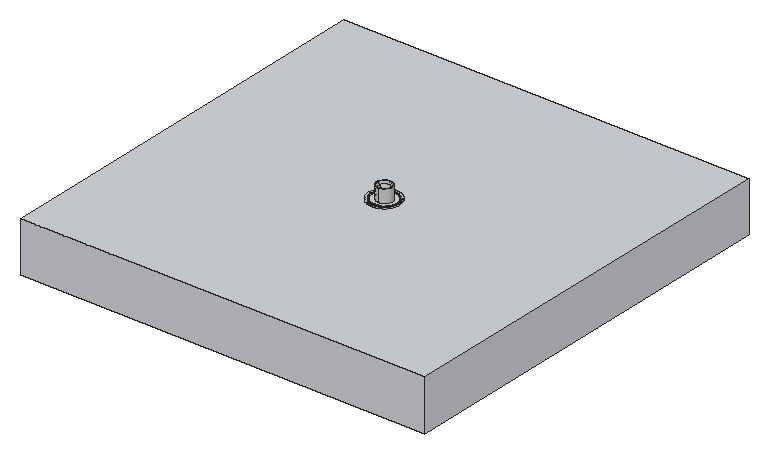
Revit family "LAMP_HANCE DOWNLIGHT SEMIRECESSED FLOOD 3000_4000 (DALI)", category Modelos genéricos, Revit 2015
Parameters (values of type "2686LM 4000K 3000 BLACK")
  Weight = 1.54 kg
  Aro 3000/4000 = yes
  Aro 1000/2000 = no
  Type = "COB PHILIPS"
  Tilting [instance] = if(Tilt < 0.00°, 180.00°, if(Tilt > 85.00°, 265.00°, Tilt + 180.00°))  # 180.00°
  Tilt [instance] = 0.00°
  Recessed diameter = 175 mm
  Protection rating = "IP20"
  Product datasheet = "http://www.lamp.es/product-files/TECH/HD1SR30FL840DBB-EN.pdf"
  Product code = "HD1SR30FL840DBB"
  Product URL = "https://www.lamp.es/en/family/hance-downlight_196363"
  Power Supply = "220-240V 50/60Hz"
  Power = 25 W
  Plum = 27.8 W
  Photometric web file = Cuerpo Hance BASE (tilting)_FL : 2686LM 4000K 3000 BLACK
  Modelo = Product code  # "HD1SR30FL840DBB"
  Model explanation = "Availability of tilting between 0º and 85º when placed in a project."
  Material interior aro = LAMP_Aluminio Hance Negro
  Material aro = LAMP_Aluminio Hance Negro
  Manufacturer name = "LAMP"
  Manufacturer country = "Spain"
  Manufacturer URL = "http://www.lamp.es/en"
  MacAdam = "3"
  Luminaire type = "Indoor - Recessed downlight"
  Last update = "22/11/2019"
  Lamp = "COB LED"
  LED Lifetime = "50.000 L80 B10"
  Insulation class = "II"
  Installation instructions = "https://www.lamp.es/product-files/INS/1004410-B-INSTR.%20DE%20MONTAJE%20HANCE%20DOWNLIGHT.pdf"
  Initial intensity = 2686 lm
  Initial color = 4000 K
  IEE = "A+"
  Gear = "Adjustable DALI"
  Finish = "Texturised black RAL 9011"
  Fabricante = Manufacturer name  # "LAMP"
  Default Elevation = 1219.2 mm
  Efficacy = 96.62 lm/W
  Radio aro exterior = 49 mm
  Diameter = 188 mm
  Descripción = "HANCE DOWN SEMIREC 3000 NW FL DALI BK."
  Decorative ring [instance] = Aro decorativo 3000_4000 (tilting) : Black
  Comentarios de tipo = Model explanation  # "Availability of tilting between 0º and 85º when placed in a project."
  CRI = "80"
  Altura modulos = 145 mm
Types (8, lengths in mm): name | Product datasheet | Product code | Power | Plum | Photometric web file | Modelo | Material aro | Initial intensity | Initial color | Finish | Efficacy | Descripción
  2686LM 4000K 3000 BLACK | "http://www.lamp.es/product-files/TECH/HD1SR30FL840DBB-EN.pdf" | "HD1SR30FL840DBB" | 25 W | 27.8 W | Cuerpo Hance BASE (tilting)_FL : 2686LM 4000K 3000 BLACK | "HD1SR30FL840DBB" | LAMP_Aluminio Hance Negro | 2686 lm | 4000 K | "Texturised black RAL 9011" | 96.62 lm/W | "HANCE DOWN SEMIREC 3000 NW FL DALI BK."
  2686LM 4000K 3000 WHITE | "http://www.lamp.es/product-files/TECH/HD1SR30FL840DBW-EN.pdf" | "HD1SR30FL840DBW" | 25 W | 27.8 W | Cuerpo Hance BASE (tilting)_FL : 2686LM 4000K 3000 WHITE | "HD1SR30FL840DBW" | LAMP_Aluminio Hance Blanco | 2686 lm | 4000 K | "Texturised white RAL 9010" | 96.62 lm/W | "HANCE DOWN SEMIREC 3000 NW FL DALI WH."
  2740LM 3000K 3000 BLACK | "http://www.lamp.es/product-files/TECH/HD1SR30FL830DBB-EN.pdf" | "HD1SR30FL830DBB" | 25 W | 28.2 W | Cuerpo Hance BASE (tilting)_FL : 2740LM 3000K 3000 BLACK | "HD1SR30FL830DBB" | LAMP_Aluminio Hance Negro | 2740 lm | 3000 K | "Texturised black RAL 9011" | 97.16 lm/W | "HANCE DOWN SEMIREC 3000 WW FL DALI BK."
  2740LM 3000K 3000 WHITE | "http://www.lamp.es/product-files/TECH/HD1SR30FL830DBW-EN.pdf" | "HD1SR30FL830DBW" | 25 W | 28.2 W | Cuerpo Hance BASE (tilting)_FL : 2740LM 3000K 3000 WHITE | "HD1SR30FL830DBW" | LAMP_Aluminio Hance Blanco | 2740 lm | 3000 K | "Texturised white RAL 9010" | 97.16 lm/W | "HANCE DOWN SEMIREC 3000 WW FL DALI WH."
  3695LM 3000K 4000 BLACK | "http://www.lamp.es/product-files/TECH/HD1SR40FL830DBB-EN.pdf" | "HD1SR40FL830DBB" | 34 W | 37.6 W | Cuerpo Hance BASE (tilting)_FL : 3695LM 3000K 4000 BLACK | "HD1SR40FL830DBB" | LAMP_Aluminio Hance Negro | 3695 lm | 3000 K | "Texturised black RAL 9011" | 98.28 lm/W | "HANCE DOWN SEMIREC 4000 WW FL DALI BK."
  3695LM 3000K 4000 WHITE | "http://www.lamp.es/product-files/TECH/HD1SR40FL830DBW-EN.pdf" | "HD1SR40FL830DBW" | 34 W | 37.6 W | Cuerpo Hance BASE (tilting)_FL : 3695LM 3000K 4000 WHITE | "HD1SR40FL830DBW" | LAMP_Aluminio Hance Blanco | 3695 lm | 3000 K | "Texturised white RAL 9010" | 98.28 lm/W | "HANCE DOWN SEMIREC 4000 WW FL DALI WH."
  3845LM 4000K 4000 BLACK | "http://www.lamp.es/product-files/TECH/HD1SR40FL840DBB-EN.pdf" | "HD1SR40FL840DBB" | 34 W | 37.6 W | Cuerpo Hance BASE (tilting)_FL : 3845LM 4000K 4000 BLACK | "HD1SR40FL840DBB" | LAMP_Aluminio Hance Negro | 3845 lm | 4000 K | "Texturised black RAL 9011" | 102.26 lm/W | "HANCE DOWN SEMIREC 4000 NW FL DALI BK."
  3845LM 4000K 4000 WHITE | "http://www.lamp.es/product-files/TECH/HD1SR40FL840DBW-EN.pdf" | "HD1SR40FL840DBW" | 34 W | 37.6 W | Cuerpo Hance BASE (tilting)_FL : 3845LM 4000K 4000 WHITE | "HD1SR40FL840DBW" | LAMP_Aluminio Hance Blanco | 3845 lm | 4000 K | "Texturised white RAL 9010" | 102.26 lm/W | "HANCE DOWN SEMIREC 4000 NW FL DALI WH."
Reference planes
  plane 1 "Centro (Frontal/Posterior)": y = 0
  plane 2: z = 0
  plane 3 "Centro (Izquierda/Derecha)": x = 0
Forms (mm)
  Extrusion 1, solid
    sketch origin (0, 0, 0) x (1, 0, 0) y (0, 1, 0)
      loop
        line (-1219.2, 1219.2) -> (-1219.2, -1219.2) -> (1219.2, -1219.2) -> (1219.2, 1219.2) -> (-1219.2, 1219.2)
    from 0 to -304.8
  Revolve 2, solid, material "LAMP_Aluminio Hance Negro" <- "Material aro"
    sketch origin (0, 0, 0) x (1, 0, 0) y (0, 0, 1)
      loop
        line (94, 0) -> (94, 1) -> (79.1, 1) -> (79.1, -38.896) -> (87.1, -38.896) -> (87.1, -37.896) -> (81.6, -37.896) -> (81.6, 0) -> (94, 0)
      axis (0, 1) -> (0, -38.896)
    angle from 0 to 360
  Revolve 3, solid, material "LAMP_Aluminio Hance Negro" <- "Material interior aro", visible <- "Aro 3000/4000"
    sketch origin (0, 0, 0) x (1, 0, 0) y (0, 0, 1)
      loop
        arc (74.724, -0.646) -> (74.448, -1.016) -> (74.348, -1.466) r 1.1
        arc (74.348, -1.466) -> (72.204, -17.889) -> (66.127, -33.297) r 67.535
        arc (66.127, -33.297) -> (65.772, -33.665) -> (65.28, -33.8) r 0.965
        line (65.28, -33.8) -> (0, -33.8) -> (0, -34.8) -> (65.28, -34.8)
        arc (65.28, -34.8) -> (65.772, -34.665) -> (66.127, -34.297) r 0.965
        arc (66.127, -34.297) -> (72.204, -18.889) -> (74.348, -2.466) r 67.535
        arc (74.348, -2.466) -> (74.448, -2.016) -> (74.724, -1.646) r 1.1
        arc (74.724, -1.646) -> (76.762, -0.425) -> (79.1, 0) r 6.641
        line (79.1, 0) -> (79.1, 1)
        arc (79.1, 1) -> (76.762, 0.575) -> (74.724, -0.646) r 6.641
      axis (0, 1) -> (0, -34.8)
    angle from 0 to 360
  Extrusion 4, void
    sketch origin (0, 0, 0) x (1, 0, 0) y (0, 1, 0)
      loop
        line (22.671, 46.054) -> (-22.668, 46.054)
        arc (-22.668, 46.054) -> (-69.098, -0.376) -> (-22.668, -46.807) r 46.43
        line (-22.668, -46.807) -> (22.671, -46.807)
        arc (22.671, -46.807) -> (69.102, -0.376) -> (22.671, 46.054) r 46.43
    from -196.113 to 250
Cuts and joins
  Extrusion 4 cuts Revolve 3
Text (mm)
  text "Any modification of the parameters and properties of the LAMP BIM models must be executed and validated by the LAMP technical department.\n\nPhone: +34 93 736 68 00\n\nE-mail: lamp@lamp.es\n\n\n\nLAMP reserves the right to modify the technical specifications of its products." at (39771.841, -40794.867, 40621.237), in view "Preview"
Dimensions and locks
  aligned and locked: plane 2 to Extrusion 1
  aligned and locked: level to Extrusion 1
Nested families
  nested 1: "Aro decorativo 3000_4000 (tilting)" at (0, 0, 4.868) x (1, 0, 0) z (0, 0, -1), type <- "Decorative ring", type "Black"
    with Tilting 180.00°
  nested 2: "Cuerpo Hance BASE (tilting)_FL" at (0, 1.967, 44.588), type <- "Photometric web file", type "2686LM 4000K 3000 BLACK"
    with Tilting 180.00°
Definition of nested family "Aro decorativo 3000_4000 (tilting)"
  Parameters (values of type "Black")
    Weight (3000/4000) = 0.016 kg
    Weight (1000/2000) = 0.01 kg
    Tilting = 0.00°
    Product datasheet = ""
    Product code (3000/4000) = "HSRI90C"
    Product code (1000/2000) = "HSRI65C"
    Product URL = ""
    Model = ""
    Material aro = none
    Manufacturer name = "LAMP"
    Manufacturer country = "Spain"
    Manufacturer URL = "http://www.lamp.es/en"
    Longitud = 42.5 mm
    Last update = "21/05/2018"
    Installation instructions = ""
    Finish = "Metalized matt copper"
    Manufacturer = Manufacturer name  # "LAMP"
    Default Elevation = 1219.2 mm
    Diameter (3000/4000) = 90 mm
    Diameter (1000/2000) = 65 mm
    Description = ""
    Accessory Type = "Optic"
    3000/4000 Model = "HSRI90C"
    3000/4000 Description = "HANCE 3000/4000 ACC. RING DECO CO."
    1000/2000 Model = "HSRI65C"
    1000/2000 Description = "HANCE 1000/2000 ACC. RING DECO CO."
  Types (5, lengths in mm): name | Product code (3000/4000) | Product code (1000/2000) | Finish | 3000/4000 Model | 3000/4000 Description | 1000/2000 Model | 1000/2000 Description
    (no name) | "HSRI90C" | "HSRI65C" | "Metalized matt copper" | "HSRI90C" | "HANCE 3000/4000 ACC. RING DECO CO." | "HSRI65C" | "HANCE 1000/2000 ACC. RING DECO CO."
    Black | "HSRI90C" | "HSRI65C" | "Metalized matt copper" | "HSRI90C" | "HANCE 3000/4000 ACC. RING DECO CO." | "HSRI65C" | "HANCE 1000/2000 ACC. RING DECO CO."
    Copper | "HSRI90C" | "HSRI65C" | "Metalized matt copper" | "HSRI90C" | "HANCE 3000/4000 ACC. RING DECO CO." | "HSRI65C" | "HANCE 1000/2000 ACC. RING DECO CO."
    Grey | "HSRI90M" | "HSRI65M" | "Metalized matt silver" | "HSRI90M" | "HANCE 3000/4000 ACC. RING DECO MET." | "HSRI65M" | "HANCE 1000/2000 ACC. RING DECO MET."
    White | "HSRI90W" | "HSRI65W" | "Matt White" | "HSRI90W" | "HANCE 3000/4000 ACC. RING DECO WH." | "HSRI65W" | "HANCE 1000/2000 ACC. RING DECO WH."
  Reference planes
    plane 1 "Centro (Frontal/Posterior)": y = 0
    plane 2: z = 0
    plane 3 "Centro (Izquierda/Derecha)": x = 0
  Lines and regions (mm)
    reference lines
      curve 1: line (0, 0, 0) -> (0, 0, 80.8)
    model lines
      curve 2: line (68.747, 0, 0) -> (69.9, 0, 0)
  Text (mm)
    text "Any modification of the parameters and properties of the LAMP BIM models must be executed and validated by the LAMP technical department.\n\nPhone: +34 93 736 68 00\n\nE-mail: lamp@lamp.es\n\n\n\nLAMP reserves the right to modify the technical specifications of its products." at (86527.204, -96597.187, 50741.736), in view "Preview"
  Dimensions and locks
    "Tilting": angle curve 1 to plane 3 "Centro (Izquierda/Derecha)"
    aligned and locked: level to plane 2
    aligned and locked: plane 3 "Centro (Izquierda/Derecha)" to curve 1
    aligned and locked: plane 2 to curve 1
  Automatic sketch dimensions
    curve 2 to level = 0 mm
    plane 3 "Centro (Izquierda/Derecha)" to curve 2 = 68.747 mm
    curve 2 to curve 2 = 1.153 mm
  Nested families
    nested 1: "Aro decorativo 3000_4000" at (-27.9, 0, 17.2) x (0, 0, 1) z (-1, 0, 0), type "Copper"
  Definition of nested family "Aro decorativo 3000_4000"
    Parameters (values of type "Black")
      Weight (3000/4000) = 0.016 kg
      Weight (1000/2000) = 0.01 kg
      Product datasheet = ""
      Product code (3000/4000) = "HSRI90C"
      Product code (1000/2000) = "HSRI65C"
      Product URL = ""
      Model = ""
      Material aro = none
      Manufacturer name = "LAMP"
      Manufacturer country = "Spain"
      Manufacturer URL = "http://www.lamp.es/en"
      Longitud = 42.5 mm
      Last update = "21/05/2018"
      Installation instructions = ""
      Finish = "Metalized matt copper"
      Manufacturer = Manufacturer name  # "LAMP"
      Default Elevation = 1219.2 mm
      Diametro vaciado aro interior = if(Diametro aro interior = 35.4 mm, 34.4 mm, 21.9 mm)  # 34.4 mm
      Diametro vaciado aro exterior = if(Diametro aro exterior = 42.9 mm, 41.9 mm, 29.4 mm)  # 41.9 mm
      Diametro aro interior = if(Diametro aro exterior = 42.9 mm, 35.4 mm, 22.9 mm)  # 35.4 mm
      Diametro aro exterior = if(Longitud = 42.5 mm, 42.9 mm, 30.4 mm)  # 42.9 mm
      Diameter (3000/4000) = 90 mm
      Diameter (1000/2000) = 65 mm
      Description = ""
      Accessory Type = "Optic"
      3000/4000 Model = "HSRI90C"
      3000/4000 Description = "HANCE 3000/4000 ACC. RING DECO CO."
      1000/2000 Description = "HANCE 1000/2000 ACC. RING DECO CO."
      1000/2000 Model = "HSRI65C"
    Types (4, lengths in mm): name | Manufacturer URL
      Black | "http://www.lamp.es/en"
      Copper | "http://www.lamp.es/en"
      Grey | "http://www.lamp.es/en"
      White | ""
    Reference planes
      plane 1 "Centro (Frontal/Posterior)": y = 0
      plane 2: z = 0
      plane 3 "Centro (Izquierda/Derecha)": x = 0
    Forms (mm)
      Revolve 1, solid, material <- "Material aro"
        sketch origin (0, 0, -27.9) x (1, 0, 0) y (0, 0, 1)
          loop
            line (42.5, 0) -> (52.682, 0) -> (52.682, 42.9) -> (42.5, 35.4) -> (42.5, 0)
          axis (52.682, 0) -> (42.5, 0)
        angle from 0 to 360
      Revolve 2, void
        sketch origin (0, 0, -27.9) x (1, 0, 0) y (0, 0, 1)
          loop
            line (52.682, 41.9) -> (42.5, 34.4) -> (42.5, 0) -> (52.682, 0) -> (52.682, 41.9)
          axis (42.5, 0) -> (52.682, 0)
        angle from 0 to 360
    Cuts and joins
      Revolve 2 cuts Revolve 1
    Lines and regions (mm)
      reference lines
        curve 1: line (0, 0, -27.9) -> (42.5, 0, -27.9)
    Text (mm)
      text "Any modification of the parameters and properties of the LAMP BIM models must be executed and validated by the LAMP technical department.\n\nPhone: +34 93 736 68 00\n\nE-mail: lamp@lamp.es\n\n\n\nLAMP reserves the right to modify the technical specifications of its products." at (91886.357, -93022.329, 47898.266), in view "Preview"
    Dimensions and locks
      "Diametro aro exterior": Revolve 1 sketch curve to Revolve 1 sketch curve
      "Diametro vaciado aro exterior": Revolve 2 sketch curve to Revolve 2 sketch curve
      "Longitud": curve 1 to plane 3 "Centro (Izquierda/Derecha)"
      "Diametro aro interior": Revolve 1 sketch curve to Revolve 1 sketch curve
      "Diametro vaciado aro interior": Revolve 2 sketch curve to Revolve 2 sketch curve
      aligned and locked: level to plane 2
    Automatic sketch dimensions
      Revolve 1 sketch curve to curve 1 = 0 mm  (x4)
      curve 1 to Revolve 1 sketch curve = 10.182 mm
      Revolve 1 sketch curve to Revolve 1 sketch curve = 0 mm
      Revolve 2 sketch curve to curve 1 = 0 mm  (x3)
      curve 1 to Revolve 2 sketch curve = 10.182 mm
      Revolve 2 sketch curve to curve 1 = 1261.008 mm
      Revolve 2 sketch curve to Revolve 2 sketch curve = 1898.983 mm
      curve 1 to plane 3 "Centro (Izquierda/Derecha)" = 0 mm
      curve 1 to level = 27.9 mm
Definition of nested family "Cuerpo Hance BASE (tilting)_FL"
  Parameters (values of type "675LM 4000K 1000 BLACK")
    Tilting = 90.00°
    Photometric web file = Cuerpo Hance BASE_FL : 675LM 4000K 1000 BLACK
    Longitud cuerpo = 135 mm
    Default Elevation = 1219.2 mm
  Types (17, lengths in mm): name | Photometric web file
    (no name) | Cuerpo Hance BASE_FL : 675LM 4000K 1000 BLACK
    675LM 4000K 1000 BLACK | Cuerpo Hance BASE_FL : 675LM 4000K 1000 BLACK
    675LM 4000K 1000 WHITE | Cuerpo Hance BASE_FL : 675LM 4000K 1000 WHITE
    697LM 3000K 1000 BLACK | Cuerpo Hance BASE_FL : 697LM 3000K 1000 BLACK
    697LM 3000K 1000 WHITE | Cuerpo Hance BASE_FL : 697LM 3000K 1000 WHITE
    1445LM 3000K 2000 BLACK | Cuerpo Hance BASE_FL : 1445LM 3000K 2000 BLACK
    1445LM 3000K 2000 WHITE | Cuerpo Hance BASE_FL : 1445LM 3000K 2000 WHITE
    1466LM 4000K 2000 BLACK | Cuerpo Hance BASE_FL : 1466LM 4000K 2000 BLACK
    1466LM 4000K 2000 WHITE | Cuerpo Hance BASE_FL : 1466LM 4000K 2000 WHITE
    2686LM 4000K 3000 BLACK | Cuerpo Hance BASE_FL : 2686LM 4000K 3000 BLACK
    2686LM 4000K 3000 WHITE | Cuerpo Hance BASE_FL : 2686LM 4000K 3000 WHITE
    2740LM 3000K 3000 BLACK | Cuerpo Hance BASE_FL : 2740LM 3000K 3000 BLACK
    2740LM 3000K 3000 WHITE | Cuerpo Hance BASE_FL : 2740LM 3000K 3000 WHITE
    3695LM 3000K 4000 BLACK | Cuerpo Hance BASE_FL : 3695LM 3000K 4000 BLACK
    3695LM 3000K 4000 WHITE | Cuerpo Hance BASE_FL : 3695LM 3000K 4000 WHITE
    3845LM 4000K 4000 BLACK | Cuerpo Hance BASE_FL : 3845LM 4000K 4000 BLACK
    3845LM 4000K 4000 WHITE | Cuerpo Hance BASE_FL : 3845LM 4000K 4000 WHITE
  Reference planes
    plane 1 "Centro (Frontal/Posterior)": y = 0
    plane 2: z = 0
    plane 3 "Centro (Izquierda/Derecha)": x = 0
  Lines and regions (mm)
    reference lines
      curve 1: line (0, 0, 0) -> (200, 0, 0)
  Dimensions and locks
    "Tilting": angle plane 3 "Centro (Izquierda/Derecha)" to curve 1
    aligned and locked: level to plane 2
    aligned and locked: plane 3 "Centro (Izquierda/Derecha)" to curve 1
    aligned and locked: plane 2 to curve 1
  Nested families
    nested 1: "Cuerpo Hance BASE_FL" at (-27.838, -1.967, 27.875), type <- "Photometric web file", type "675LM 4000K 1000 BLACK"
  Definition of nested family "Cuerpo Hance BASE_FL"
    Parameters (values of type "675LM 4000K 1000 BLACK")
      Tilt Angle = 90.00° + Tilting  # 180.00°
      Wattage = 7.6 W
      Tilting = 90.00°
      built-in parameter 1150107 = 4000 (stored number, unit not read)
      Radio vacio posterior = Radio cuerpo - 2.2 mm  # 30.3 mm
      Radio vaciado = Radio cuerpo - 1.5 mm  # 31 mm
      Radio cuerpo = if(Longitud cuerpo = 100 mm, 45 mm, 32.5 mm)  # 32.5 mm
      built-in parameter 1150110 = 1 (stored number, unit not read)
      built-in parameter 1150109 = 1 (stored number, unit not read)
      built-in parameter 1150112 = 1 (stored number, unit not read)
      built-in parameter 1150113 = 1 (stored number, unit not read)
      built-in parameter 1114218 = 1 (stored number, unit not read)
      built-in parameter 1150137 = (empty or 0)
      built-in parameter 1150132 = 2
      Material reflector = none
      Material cuerpo = none
      Material COB = none
      Longitud cuerpo = 135 mm
      Long. origen luz = if(Longitud cuerpo = 100 mm, 20 mm, if(Longitud cuerpo = 170 mm, 55 mm, 90 mm))  # 90 mm
      L_3 = if(Ancho disipador posterior = 80.4 mm, 39.6 mm, 12 mm)  # 12 mm
      L_2 = if(Ancho disipador posterior = 80.4 mm, 36.3 mm, 22.6 mm)  # 22.6 mm
      L_1 = if(Ancho disipador posterior = 80.4 mm, 36.8 mm, 25.4 mm)  # 25.4 mm
      built-in parameter 1150105 = 2229.4 (stored number, unit not read)
      built-in parameter 1150102 = (empty or 0)
      built-in parameter 1150106 = 22.294 (stored number, unit not read)
      Lumens = 675.032 lm
      Color Filter = 16777215
      built-in parameter 1114217 = 1 (stored number, unit not read)
      built-in parameter 1150139 = (empty or 0)
      Default Elevation = 1219.2 mm
      built-in parameter 1150104 = 8.2516 (stored number, unit not read)
      Diametro aro = if(Radio cuerpo = 45 mm, 42.9 mm, 30.4 mm)  # 30.4 mm
      built-in parameter 1150115 = 1 (stored number, unit not read)
      built-in parameter 1150114 = 1 (stored number, unit not read)
      built-in parameter 1150138 = (empty or 0)
      built-in parameter 1150134 = 12
      Dimming Lamp Color Temperature Shift = (empty or 0)
      Photometric Web File = "HD1RE10FL840NBB.IES"
      Ancho vaciado reflector = if(Radio cuerpo = 45 mm, 34.4 mm, 21.9 mm)  # 21.9 mm
      Ancho reflector = if(Radio cuerpo = 45 mm, 35.4 mm, 22.9 mm)  # 22.9 mm
      Ancho disipador posterior = if(Radio cuerpo = 32.5 mm, 53 mm, 80.4 mm)  # 53 mm
      built-in parameter 1150133 = 10 (stored number, unit not read)
      Altura disipador superior = if(Radio cuerpo = 45 mm, 23.9 mm, 36.9 mm)  # 36.9 mm
      Ancho disipador superior = if(Radio cuerpo = 45 mm, 28 mm, 22.6 mm)  # 22.6 mm
    Types (16, lengths in mm): name | Wattage | built-in parameter 1150107 | Radio vacio posterior | Radio vaciado | Radio cuerpo | Longitud cuerpo | Long. origen luz | L_3 | L_2 | L_1 | built-in parameter 1150105 | built-in parameter 1150106 | Lumens | built-in parameter 1150104 | Diametro aro | built-in parameter 1150134 | Photometric Web File | Ancho vaciado reflector | Ancho reflector | Ancho disipador posterior | Altura disipador superior | Ancho disipador superior
      675LM 4000K 1000 BLACK | 7.6 W | 4000 (stored number, unit not read) | 30.3 | 31 | 32.5 | 135 | 90 | 12 | 22.6 | 25.4 | 2229.4 (stored number, unit not read) | 22.294 (stored number, unit not read) | 675.032 lm | 8.2516 (stored number, unit not read) | 30.4 | 12 | "HD1RE10FL840NBB.IES" | 21.9 | 22.9 | 53 | 36.9 | 22.6
      675LM 4000K 1000 WHITE | 7.6 W | 4000 (stored number, unit not read) | 30.3 | 31 | 32.5 | 135 | 90 | 12 | 22.6 | 25.4 | 2229.4 (stored number, unit not read) | 22.294 (stored number, unit not read) | 675.032 lm | 8.2516 (stored number, unit not read) | 30.4 | 12 | "HD1RE10FL840NBW.IES" | 21.9 | 22.9 | 53 | 36.9 | 22.6
      697LM 3000K 1000 BLACK | 7.7 W | 3000 (stored number, unit not read) | 30.3 | 31 | 32.5 | 135 | 90 | 12 | 22.6 | 25.4 | 1447 (stored number, unit not read) | 14.47 (stored number, unit not read) | 696.773 lm | 8.4068 (stored number, unit not read) | 30.4 | (empty or 0) | "HD1RE10FL830NBB.IES" | 21.9 | 22.9 | 53 | 36.9 | 22.6
      697LM 3000K 1000 WHITE | 7.7 W | 3000 (stored number, unit not read) | 30.3 | 31 | 32.5 | 135 | 90 | 12 | 22.6 | 25.4 | 1447 (stored number, unit not read) | 14.47 (stored number, unit not read) | 696.773 lm | 8.4068 (stored number, unit not read) | 30.4 | (empty or 0) | "HD1RE10FL830NBW.IES" | 21.9 | 22.9 | 53 | 36.9 | 22.6
      1445LM 3000K 2000 BLACK | 20.7 W | 3000 (stored number, unit not read) | 30.3 | 31 | 32.5 | 135 | 90 | 12 | 22.6 | 25.4 | 3001.7 (stored number, unit not read) | 30.017 (stored number, unit not read) | 1445.48 lm | 6.4874 (stored number, unit not read) | 30.4 | (empty or 0) | "HD1RE20FL830NBB.IES" | 21.9 | 22.9 | 53 | 36.9 | 22.6
      1445LM 3000K 2000 WHITE | 20.7 W | 3000 (stored number, unit not read) | 30.3 | 31 | 32.5 | 135 | 90 | 12 | 22.6 | 25.4 | 3001.7 (stored number, unit not read) | 30.017 (stored number, unit not read) | 1445.48 lm | 6.4874 (stored number, unit not read) | 30.4 | (empty or 0) | "HD1RE20FL830NBW.IES" | 21.9 | 22.9 | 53 | 36.9 | 22.6
      1466LM 4000K 2000 BLACK | 20.6 W | 4000 (stored number, unit not read) | 30.3 | 31 | 32.5 | 135 | 90 | 12 | 22.6 | 25.4 | 2960 (stored number, unit not read) | 29.6 (stored number, unit not read) | 1466.1 lm | 6.6119 (stored number, unit not read) | 30.4 | 12 | "HD1RE20FL840NBB.IES" | 21.9 | 22.9 | 53 | 36.9 | 22.6
      1466LM 4000K 2000 WHITE | 20.6 W | 4000 (stored number, unit not read) | 30.3 | 31 | 32.5 | 135 | 90 | 12 | 22.6 | 25.4 | 2960 (stored number, unit not read) | 29.6 (stored number, unit not read) | 1466.1 lm | 6.6119 (stored number, unit not read) | 30.4 | 12 | "HD1RE20FL840NBB.IES" | 21.9 | 22.9 | 53 | 36.9 | 22.6
      2686LM 4000K 3000 BLACK | 27.8 W | 4000 (stored number, unit not read) | 42.8 | 43.5 | 45 | 100 | 20 | 39.6 | 36.3 | 36.8 | 5423.1 (stored number, unit not read) | 54.231 (stored number, unit not read) | 2686.04 lm | 8.9763 (stored number, unit not read) | 42.9 | 12 | "HD1RE30FL840NBB.IES" | 34.4 | 35.4 | 80.4 | 23.9 | 28
      2686LM 4000K 3000 WHITE | 27.8 W | 4000 (stored number, unit not read) | 42.8 | 43.5 | 45 | 100 | 20 | 39.6 | 36.3 | 36.8 | 5423.1 (stored number, unit not read) | 54.231 (stored number, unit not read) | 2686.04 lm | 8.9763 (stored number, unit not read) | 42.9 | 12 | "HD1RE30FL840NBW.IES" | 34.4 | 35.4 | 80.4 | 23.9 | 28
      2740LM 3000K 3000 BLACK | 28.2 W | 3000 (stored number, unit not read) | 42.8 | 43.5 | 45 | 100 | 20 | 39.6 | 36.3 | 36.8 | 8235.7 (stored number, unit not read) | 82.357 (stored number, unit not read) | 2739.91 lm | 9.0265 (stored number, unit not read) | 42.9 | (empty or 0) | "HD1RE30FL830NBB.IES" | 34.4 | 35.4 | 80.4 | 23.9 | 28
      2740LM 3000K 3000 WHITE | 28.2 W | 3000 (stored number, unit not read) | 42.8 | 43.5 | 45 | 100 | 20 | 39.6 | 36.3 | 36.8 | 8235.7 (stored number, unit not read) | 82.357 (stored number, unit not read) | 2739.91 lm | 9.0265 (stored number, unit not read) | 42.9 | (empty or 0) | "HD1RE30FL830NBW.IES" | 34.4 | 35.4 | 80.4 | 23.9 | 28
      3695LM 3000K 4000 BLACK | 37.6 W | 3000 (stored number, unit not read) | 42.8 | 43.5 | 45 | 100 | 20 | 39.6 | 36.3 | 36.8 | 294.06 (stored number, unit not read) | 2.9406 (stored number, unit not read) | 3695.33 lm | 9.1305 (stored number, unit not read) | 42.9 | (empty or 0) | "HD1RE40FL830NBB.IES" | 34.4 | 35.4 | 80.4 | 23.9 | 28
      3695LM 3000K 4000 WHITE | 37.6 W | 3000 (stored number, unit not read) | 42.8 | 43.5 | 45 | 100 | 20 | 39.6 | 36.3 | 36.8 | 294.06 (stored number, unit not read) | 2.9406 (stored number, unit not read) | 3695.33 lm | 9.1305 (stored number, unit not read) | 42.9 | (empty or 0) | "HD1RE40FL830NBB.IES" | 34.4 | 35.4 | 80.4 | 23.9 | 28
      3845LM 4000K 4000 BLACK | 37.6 W | 4000 (stored number, unit not read) | 42.8 | 43.5 | 45 | 100 | 20 | 39.6 | 36.3 | 36.8 | 11268 (stored number, unit not read) | 112.68 (stored number, unit not read) | 3844.98 lm | 9.5003 (stored number, unit not read) | 42.9 | 12 | "HD1RE40FL840NBB.IES" | 34.4 | 35.4 | 80.4 | 23.9 | 28
      3845LM 4000K 4000 WHITE | 37.6 W | 4000 (stored number, unit not read) | 42.8 | 43.5 | 45 | 100 | 20 | 39.6 | 36.3 | 36.8 | 11268 (stored number, unit not read) | 112.68 (stored number, unit not read) | 3844.98 lm | 9.5003 (stored number, unit not read) | 42.9 | 12 | "HD1RE40FL840NBW.IES" | 34.4 | 35.4 | 80.4 | 23.9 | 28
    Reference planes
      plane 1 "Centro (Frontal/Posterior)": y = 0
      plane 2: z = 0
      plane 3 "Centro (Izquierda/Derecha)": x = 0
    Forms (mm)
      Extrusion 1, solid, material <- "Material cuerpo"
        sketch origin (0, 0, 0) x (0, -1, 0) y (0, 0, 1)
          loop
            circle (0, -27.875) r 32.5
        from -93 to 42
      Extrusion 2, void
        sketch origin (0, 0, 0) x (0, 1, 0) y (0, 0, 1)
          loop
            line (11.3, 30) -> (-11.3, 30) -> (-11.3, -6.9)
            arc (-11.3, -6.9) -> (0, -7.855) -> (11.3, -6.9) r 67.349
            line (11.3, -6.9) -> (11.3, 30)
        from -42 to 9.4
      Extrusion 3, void
        sketch origin (0, 0, 0) x (0, 1, 0) y (0, 0, 1)
          loop
            circle (0, -27.875) r 30.3
        from -42 to -41
      Extrusion 4, void
        sketch origin (0, 0, 0) x (0, 1, 0) y (0, 0, 1)
          loop
            line (26.5, -26.291) -> (-26.5, -26.291)
            arc (-26.5, -26.291) -> (-27.7, -27.491) -> (-26.5, -28.691) r 1.2
            line (-26.5, -28.691) -> (26.5, -28.691)
            arc (26.5, -28.691) -> (27.7, -27.491) -> (26.5, -26.291) r 1.2
          loop
            line (26.115, -30.891) -> (-26.115, -30.891)
            arc (-26.115, -30.891) -> (-27.315, -32.091) -> (-26.115, -33.291) r 1.2
            line (-26.115, -33.291) -> (26.115, -33.291)
            arc (26.115, -33.291) -> (27.315, -32.091) -> (26.115, -30.891) r 1.2
          loop
            line (25.4, -35.55) -> (-24.915, -35.55)
            arc (-24.915, -35.55) -> (-26.115, -36.75) -> (-24.915, -37.95) r 1.2
            line (-24.915, -37.95) -> (25.4, -37.95)
            arc (25.4, -37.95) -> (26.6, -36.75) -> (25.4, -35.55) r 1.2
          loop
            line (22.6, -40.091) -> (-22.64, -40.091)
            arc (-22.64, -40.091) -> (-23.84, -41.291) -> (-22.64, -42.491) r 1.2
            line (-22.64, -42.491) -> (22.6, -42.491)
            arc (22.6, -42.491) -> (23.8, -41.291) -> (22.6, -40.091) r 1.2
          loop
            line (19.043, -44.691) -> (-19.086, -44.691)
            arc (-19.086, -44.691) -> (-20.286, -45.891) -> (-19.086, -47.091) r 1.2
            line (-19.086, -47.091) -> (19.043, -47.091)
            arc (19.043, -47.091) -> (20.243, -45.891) -> (19.043, -44.691) r 1.2
          loop
            line (15.357, -49.291) -> (-15.5, -49.291)
            arc (-15.5, -49.291) -> (-16.6, -50.391) -> (-15.5, -51.491) r 1.1
            line (-15.5, -51.491) -> (15.357, -51.491)
            arc (15.357, -51.491) -> (16.457, -50.391) -> (15.357, -49.291) r 1.1
          loop
            line (6, -53.691) -> (-6, -53.691)
            arc (-6, -53.691) -> (-7.1, -54.791) -> (-6, -55.891) r 1.1
            line (-6, -55.891) -> (6, -55.891)
            arc (6, -55.891) -> (7.1, -54.791) -> (6, -53.691) r 1.1
        from -42 to -38.7
      Extrusion 5, void
        sketch origin (0, 0, 0) x (-1, 0, 0) y (0, -1, 0)
          loop
            line (37.7, -9.12) -> (37.7, 9.12)
            arc (37.7, 9.12) -> (36.6, 10.22) -> (35.5, 9.12) r 1.1
            line (35.5, 9.12) -> (35.5, -9.12)
            arc (35.5, -9.12) -> (36.6, -10.22) -> (37.7, -9.12) r 1.1
          loop
            line (28.9, -9.12) -> (28.9, 9.12)
            arc (28.9, 9.12) -> (27.8, 10.22) -> (26.7, 9.12) r 1.1
            line (26.7, 9.12) -> (26.7, -9.12)
            arc (26.7, -9.12) -> (27.8, -10.22) -> (28.9, -9.12) r 1.1
          loop
            line (20.1, -9.12) -> (20.1, 9.12)
            arc (20.1, 9.12) -> (19, 10.22) -> (17.9, 9.12) r 1.1
            line (17.9, 9.12) -> (17.9, -9.12)
            arc (17.9, -9.12) -> (19, -10.22) -> (20.1, -9.12) r 1.1
        from -51.491 to 30
      Extrusion 6, void
        sketch origin (0, 0, 0) x (-1, 0, 0) y (0, -1, 0)
          loop
            line (33.3, -9.12) -> (33.3, 9.12)
            arc (33.3, 9.12) -> (32.2, 10.22) -> (31.1, 9.12) r 1.1
            line (31.1, 9.12) -> (31.1, -9.12)
            arc (31.1, -9.12) -> (32.2, -10.22) -> (33.3, -9.12) r 1.1
          loop
            line (24.5, -9.12) -> (24.5, 9.12)
            arc (24.5, 9.12) -> (23.4, 10.22) -> (22.3, 9.12) r 1.1
            line (22.3, 9.12) -> (22.3, -9.12)
            arc (22.3, -9.12) -> (23.4, -10.22) -> (24.5, -9.12) r 1.1
        from -8.232 to 30
      Extrusion 7, void
        sketch origin (0, 0, 0) x (0, 1, 0) y (0, 0, 1)
          loop
            circle (0, -27.875) r 31
        from 17.213 to 93
      Revolve 8, solid, material <- "Material reflector"
        sketch origin (0, 0, 0) x (1, 0, 0) y (0, 0, 1)
          loop
            line (60.5, -27.875) -> (80.818, -27.875) -> (80.818, -4.975) -> (60.5, -19.875) -> (60.5, -27.875)
          axis (60.5, -27.875) -> (80.818, -27.875)
        angle from 0 to 360
      Revolve 9, void
        sketch origin (0, 0, 0) x (1, 0, 0) y (0, 0, 1)
          loop
            line (80.818, -5.975) -> (61.5, -20.142) -> (60.5, -20.142) -> (60.5, -27.875) -> (61.5, -27.875) -> (80.818, -27.875) -> (80.818, -5.975)
          axis (80.818, -27.875) -> (60.5, -27.875)
        angle from 0 to 360
      Extrusion 10, solid, material <- "Material COB"
        sketch origin (0, 0, 0) x (0, -1, 0) y (0, 0, 1)
          loop
            circle (0, -27.875) r 7.733
        from -61.5 to -60.5
    Cuts and joins
      Extrusion 2, Extrusion 3, Extrusion 4, Extrusion 5, Extrusion 6, Extrusion 7 cuts Extrusion 1
      Revolve 9 cuts Revolve 8
    Lines and regions (mm)
      reference lines
        curve 1: line (0, 0, 0) -> (178.042, 0, 0)
        curve 2: line (93, 0, -27.875) -> (183, 0, -27.875)
        curve 3: line (0, 0, 0) -> (0, 0, -75)
        curve 4: line (93, 0, -22.875) -> (93, 0, -32.875)
    Text (mm)
      text "Any modification of the parameters and properties of the LAMP BIM models must be executed and validated by the LAMP technical department.\n\nPhone: +34 93 736 68 00\n\nE-mail: lamp@lamp.es\n\n\n\nLAMP reserves the right to modify the technical specifications of its products." at (97482.136, -81600.41, 57308.082), in view "Preview"
    Dimensions and locks
      locked: Revolve 9 sketch curve to cut or joined group of Extrusion 1, Extrusion 2, Extrusion 3, Extrusion 4, Extrusion 5, Extrusion 6, Extrusion 7 at 12.182
      "Longitud cuerpo": cut or joined group of Extrusion 1, Extrusion 2, Extrusion 3, Extrusion 4, Extrusion 5, Extrusion 6, Extrusion 7 to cut or joined group of Extrusion 1, Extrusion 2, Extrusion 3, Extrusion 4, Extrusion 5, Extrusion 6, Extrusion 7
      locked: cut or joined group of Extrusion 1, Extrusion 2, Extrusion 3, Extrusion 4, Extrusion 5, Extrusion 6, Extrusion 7 to curve 3 at 42
      locked: cut or joined group of Revolve 8, Revolve 9 to cut or joined group of Extrusion 1, Extrusion 2, Extrusion 3, Extrusion 4, Extrusion 5, Extrusion 6, Extrusion 7 at 12.182
      locked: cut or joined group of Revolve 8, Revolve 9 to cut or joined group of Revolve 8, Revolve 9 at 20.318
      locked: cut or joined group of Extrusion 1, Extrusion 2, Extrusion 3, Extrusion 4, Extrusion 5, Extrusion 6, Extrusion 7 to Extrusion 10 at 31.5
      locked: Extrusion 10 to Extrusion 10 at 1
      "Long. origen luz": curve 4 to curve 2
      equal spacing: Extrusion 4 sketch curve, plane 1 "Centro (Frontal/Posterior)", Extrusion 4 sketch curve  (x2)
      "Ancho disipador posterior": Extrusion 4 sketch curve to Extrusion 4 sketch curve
      "L_1": Extrusion 4 sketch curve to plane 1 "Centro (Frontal/Posterior)"
      "L_2": Extrusion 4 sketch curve to curve 3
      "L_3": Extrusion 4 sketch curve to Extrusion 4 sketch curve
      equal spacing: Extrusion 2 sketch curve, plane 1 "Centro (Frontal/Posterior)", Extrusion 2 sketch curve
      "Ancho disipador superior": Extrusion 2 sketch curve to Extrusion 2 sketch curve
      "Altura disipador superior": Extrusion 2 sketch curve to Extrusion 2 sketch curve
      locked: plane 2 to Extrusion 2 sketch curve at 30
      "Ancho reflector": Revolve 8 sketch curve to imposter light
      "Ancho vaciado reflector": Revolve 9 sketch curve to imposter light
      "Radio cuerpo": radius of Extrusion 1 sketch curve
      "Radio vaciado": radius of Extrusion 7 sketch curve
      "Radio vacio posterior": radius of Extrusion 3 sketch curve
      "Tilting": angle plane 3 "Centro (Izquierda/Derecha)" to curve 1
      aligned and locked: level to plane 2
      aligned and locked: imposter light to curve 2  (x2)
      aligned and locked: cut or joined group of Extrusion 1, Extrusion 2, Extrusion 3, Extrusion 4, Extrusion 5, Extrusion 6, Extrusion 7 to cut or joined group of Extrusion 1, Extrusion 2, Extrusion 3, Extrusion 4, Extrusion 5, Extrusion 6, Extrusion 7
    Automatic sketch dimensions
      curve 1 to Extrusion 5 sketch curve = 17.9 mm
      Extrusion 5 sketch curve to Extrusion 5 sketch curve = 1.1 mm  (x3)
      Extrusion 5 sketch curve to Extrusion 5 sketch curve = 6.6 mm  (x2)
      Extrusion 5 sketch curve to curve 1 = 9.12 mm  (x2)
      Extrusion 5 sketch curve to Extrusion 5 sketch curve = 0 mm  (x3)
      curve 1 to Extrusion 5 sketch curve = 9.12 mm
      curve 1 to Extrusion 6 sketch curve = 22.3 mm
      Extrusion 6 sketch curve to Extrusion 6 sketch curve = 1.1 mm  (x2)
      Extrusion 6 sketch curve to Extrusion 6 sketch curve = 6.6 mm
      Extrusion 6 sketch curve to curve 1 = 9.12 mm
      Extrusion 6 sketch curve to Extrusion 6 sketch curve = 0 mm  (x2)
      curve 1 to Extrusion 6 sketch curve = 9.12 mm
      Extrusion 10 sketch curve to plane 1 "Centro (Frontal/Posterior)" = 0 mm
      Extrusion 1 sketch curve to plane 1 "Centro (Frontal/Posterior)" = 0 mm
      Extrusion 1 sketch curve to level = 27.875 mm
      Extrusion 2 sketch curve to plane 1 "Centro (Frontal/Posterior)" = 0 mm
      Extrusion 2 sketch curve to Extrusion 2 sketch curve = 29.494 mm
      Extrusion 3 sketch curve to plane 1 "Centro (Frontal/Posterior)" = 0 mm
      Extrusion 3 sketch curve to level = 27.875 mm
      Extrusion 4 sketch curve to Extrusion 4 sketch curve = 0.385 mm  (x2)
      Extrusion 4 sketch curve to Extrusion 4 sketch curve = 1.2 mm  (x6)
      Extrusion 4 sketch curve to Extrusion 4 sketch curve = 2.276 mm
      Extrusion 4 sketch curve to Extrusion 4 sketch curve = 3.554 mm
      Extrusion 4 sketch curve to Extrusion 4 sketch curve = 3.586 mm
      Extrusion 4 sketch curve to Extrusion 4 sketch curve = 9.357 mm
      Extrusion 4 sketch curve to Extrusion 4 sketch curve = 3.557 mm
      Extrusion 4 sketch curve to level = 55.891 mm
      Extrusion 4 sketch curve to Extrusion 4 sketch curve = 1.1 mm  (x2)
      Extrusion 4 sketch curve to Extrusion 4 sketch curve = 2.2 mm  (x4)
      Extrusion 4 sketch curve to Extrusion 4 sketch curve = 2.141 mm
      Extrusion 4 sketch curve to Extrusion 4 sketch curve = 2.259 mm
      Extrusion 7 sketch curve to plane 1 "Centro (Frontal/Posterior)" = 0 mm
      Extrusion 7 sketch curve to level = 27.875 mm
      curve 1 to Revolve 8 sketch curve = 19.875 mm
      curve 1 to Revolve 8 sketch curve = 60.5 mm
      Revolve 8 sketch curve to Revolve 8 sketch curve = 20.318 mm
      Revolve 8 sketch curve to Revolve 8 sketch curve = 8 mm
      Revolve 8 sketch curve to Revolve 8 sketch curve = 0 mm  (x2)
      Revolve 8 sketch curve to Revolve 8 sketch curve = 9.682 mm
      Revolve 9 sketch curve to Revolve 9 sketch curve = 19.318 mm
      Revolve 9 sketch curve to Revolve 9 sketch curve = 0 mm  (x3)
      Revolve 9 sketch curve to Revolve 9 sketch curve = 1 mm
      curve 1 to Revolve 9 sketch curve = 20.142 mm
      Revolve 9 sketch curve to Revolve 9 sketch curve = 7.733 mm
      Revolve 9 sketch curve to Revolve 9 sketch curve = 9.682 mm
      curve 1 to level = 0 mm
      curve 1 to plane 3 "Centro (Izquierda/Derecha)" = 0 mm
      curve 3 to curve 1 = 0 mm  (x2)
      curve 3 to curve 1 = 75 mm
      curve 1 to curve 4 = 32.875 mm
      curve 4 to curve 1 = 85.042 mm
      curve 2 to curve 1 = 27.875 mm
      curve 2 to curve 4 = 5 mm
      radius of Extrusion 10 sketch curve = 7.733 mm
